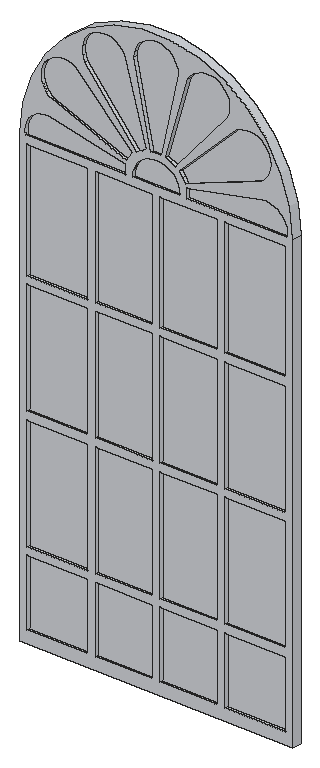
Revit family
Parameters
  GreenHouse Glass = none
  Frame = none
Reference planes (in)
  plane 1: y = 0
  plane 2 "Center (Left/Right)": x = 0
  plane 3 "Wall Edge": y = 3
Forms (in)
  Extrusion 1, solid, material <- "Frame"
    sketch origin (0, 3, 0) x (1, 0, 0) y (0, 0, 1)
      loop
        line (0, 90) -> (4.75, 90)
        arc (4.75, 90) -> (3.35876, 93.35876) -> (0, 94.75) r 4.75
        arc (0, 94.75) -> (-3.35876, 93.35876) -> (-4.75, 90) r 4.75
        line (-4.75, 90) -> (0, 90)
      loop
        arc (0, 115.75) -> (-3.125, 114.45558) -> (-4.41942, 111.33058) r 4.41942
        line (-4.41942, 111.33058) -> (-1.10766, 95.75) -> (0, 95.75) -> (1.10766, 95.75) -> (4.41942, 111.33058)
        arc (4.41942, 111.33058) -> (3.125, 114.45558) -> (0, 115.75) r 4.41942
      loop
        arc (-12.25794, 113.05382) -> (-14.40945, 110.44382) -> (-14.08526, 107.07692) r 4.41942
        line (-14.08526, 107.07692) -> (-3.84651, 94.87486) -> (-2.8685, 95.39487) -> (-1.8905, 95.91489) -> (-6.28103, 111.2265)
        arc (-6.28103, 111.2265) -> (-8.89103, 113.37802) -> (-12.25794, 113.05382) r 4.41942
      loop
        arc (-22.01603, 104.29738) -> (-22.63244, 100.97154) -> (-20.71658, 98.18396) r 4.41942
        line (-20.71658, 98.18396) -> (-5.8459, 92.47563) -> (-5.24262, 93.4046) -> (-4.63935, 94.33356) -> (-15.90261, 105.59683)
        arc (-15.90261, 105.59683) -> (-19.22845, 106.21323) -> (-22.01603, 104.29738) r 4.41942
      loop
        line (-25.91819, 90) -> (-5.97991, 90) -> (-5.97991, 91.84369) -> (-21.56049, 95.15545)
        arc (-21.56049, 95.15545) -> (-24.9357, 93.58896) -> (-25.91819, 90) r 4.41942
      loop
        line (-25.57638, 88.5) -> (-25.57638, 65.25) -> (-13.53819, 65.25) -> (-13.53819, 88.5) -> (-25.57638, 88.5)
      loop
        line (-25.57638, 2.5) -> (-13.53819, 2.5) -> (-13.53819, 15.75) -> (-25.57638, 15.75) -> (-25.57638, 2.5)
      loop
        line (-12.03819, 88.5) -> (-12.03819, 65.25) -> (-0.75, 65.25) -> (-0.75, 88.5) -> (-12.03819, 88.5)
      loop
        line (-25.57638, 63.75) -> (-25.57638, 41.25) -> (-13.53819, 41.25) -> (-13.53819, 63.75) -> (-25.57638, 63.75)
      loop
        line (-25.57638, 39.75) -> (-25.57638, 17.25) -> (-13.53819, 17.25) -> (-13.53819, 39.75) -> (-25.57638, 39.75)
      loop
        line (-12.03819, 63.75) -> (-12.03819, 41.25) -> (-0.75, 41.25) -> (-0.75, 63.75) -> (-12.03819, 63.75)
      loop
        line (-12.03819, 39.75) -> (-12.03819, 17.25) -> (-0.75, 17.25) -> (-0.75, 39.75) -> (-12.03819, 39.75)
      loop
        line (-12.03819, 15.75) -> (-12.03819, 2.5) -> (-0.75, 2.5) -> (-0.75, 15.75) -> (-12.03819, 15.75)
      loop
        arc (12.25794, 113.05382) -> (8.89103, 113.37802) -> (6.28103, 111.2265) r 4.41942
        line (6.28103, 111.2265) -> (1.8905, 95.91489) -> (2.8685, 95.39487) -> (3.84651, 94.87486) -> (14.08526, 107.07692)
        arc (14.08526, 107.07692) -> (14.40945, 110.44382) -> (12.25794, 113.05382) r 4.41942
      loop
        arc (22.01603, 104.29738) -> (19.22845, 106.21323) -> (15.90261, 105.59683) r 4.41942
        line (15.90261, 105.59683) -> (4.63935, 94.33356) -> (5.24262, 93.4046) -> (5.8459, 92.47563) -> (20.71658, 98.18396)
        arc (20.71658, 98.18396) -> (22.63244, 100.97154) -> (22.01603, 104.29738) r 4.41942
      loop
        arc (25.91819, 90) -> (24.9357, 93.58896) -> (21.56049, 95.15545) r 4.41942
        line (21.56049, 95.15545) -> (5.97991, 91.84369) -> (5.97991, 90) -> (25.91819, 90)
      loop
        line (25.57638, 88.5) -> (13.53819, 88.5) -> (13.53819, 65.25) -> (25.57638, 65.25) -> (25.57638, 88.5)
      loop
        line (25.57638, 2.5) -> (25.57638, 15.75) -> (13.53819, 15.75) -> (13.53819, 2.5) -> (25.57638, 2.5)
      loop
        line (12.03819, 88.5) -> (0.75, 88.5) -> (0.75, 65.25) -> (12.03819, 65.25) -> (12.03819, 88.5)
      loop
        line (25.57638, 63.75) -> (13.53819, 63.75) -> (13.53819, 41.25) -> (25.57638, 41.25) -> (25.57638, 63.75)
      loop
        line (25.57638, 39.75) -> (13.53819, 39.75) -> (13.53819, 17.25) -> (25.57638, 17.25) -> (25.57638, 39.75)
      loop
        line (12.03819, 63.75) -> (0.75, 63.75) -> (0.75, 41.25) -> (12.03819, 41.25) -> (12.03819, 63.75)
      loop
        line (12.03819, 39.75) -> (0.75, 39.75) -> (0.75, 17.25) -> (12.03819, 17.25) -> (12.03819, 39.75)
      loop
        line (12.03819, 15.75) -> (0.75, 15.75) -> (0.75, 2.5) -> (12.03819, 2.5) -> (12.03819, 15.75)
      loop
        line (27, 0) -> (27, 90)
        arc (27, 90) -> (0, 117) -> (-27, 90) r 27
        line (-27, 90) -> (-27, 0) -> (27, 0)
    from 2.15404 to 4.03172
  Extrusion 2, solid, material <- "GreenHouse Glass"
    sketch origin (0, 3, 0) x (1, 0, 0) y (0, 0, 1)
      loop
        arc (26.25, 90) -> (0, 116.25) -> (-26.25, 90) r 26.25
        line (-26.25, 90) -> (-26.25, 0.75) -> (26.25, 0.75) -> (26.25, 90)
    from 2.62125 to 3.45959
Lines and regions (in)
  Opening 1
    outline origin (-60, -3, 0) x (1, 0, 0) y (0, 0, 1)
      loop
        line (87, 0) -> (87, 90)
        arc (87, 90) -> (60, 117) -> (33, 90) r 27
        line (33, 90) -> (33, 0) -> (87, 0)
  model lines
    curve 1: line (27, 3, 0) -> (27, 3, 90)
    curve 2: line (-27, 3, 90) -> (-27, 3, 0)
    curve 3: arc (27, 3, 90) -> (0, 3, 117) -> (-27, 3, 90) r 27
Text (in)
  text "Placement Side" at (0, 40.15149, 123.01588), in view "Right"
  text "Placement Side" at (-70.3804, 28.46503, 0), in view "Ref. Level"
  text "Placement Side" at (0, 81.62555, 140.59947), in view "Left"
Dimensions and locks (in)
  locked: plane 3 "Wall Edge" to host wall
